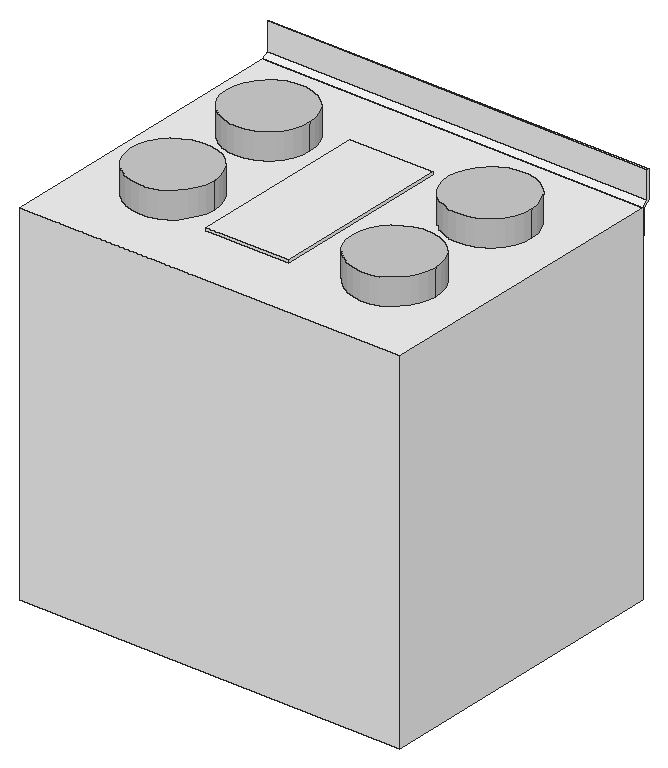
Revit family "BLAUBERG-KOMFORT_EC_SB350", category Mechanical Equipment, Revit 2019
Family settings
  Round Connector Dimension = Use Diameter
  Classification = None
  Part Type = Normal
  OmniClass Number = 23.75.35.14
  OmniClass Title = Air Handling Units
  Work Plane-Based = No
  Always vertical = Yes
  Cut with Voids When Loaded = No
  Shared = No
  Room Calculation Point = No
Parameters (values of type "KOMFORT EC SB350 S14")
  dLFeets = 52 mm
  dBFeets = 52 mm
  Weight = 64.00 kg
  Plastic Material = Polypropylene Black
  Leveling Feets Height Calc [instance] = if(Leveling Feets Height < 23 mm, 23 mm, Leveling Feets Height)  # 23 mm
  Leveling Feets Height [instance] = 23 mm
  L2 = 230 mm
  L1 = 426 mm
  Heat Exchanger Material = "polystyrene"
  HDuctCon = 50 mm  # constant formula
  H3 = 60 mm  # constant formula
  Front Maintenance Zone Width = H1  # 675 mm
  Front Maintenance Zone Length = L  # 730 mm
  ElConA = 342 mm
  ElBoxB = 345 mm
  ElBoxA = 160 mm
  DrainPipe = yes
  DrainConB = 293 mm
  BackFeetD = 20 mm  # constant formula
  B3 = 14 mm  # constant formula
  Air Flow Factor [instance] = 1  # constant formula
  Drain Flow [instance] = 0.0 L/s
  Ddrain = if(Drain Connection Diameter = 0 mm, 1 mm, Drain Connection Diameter)  # 18 mm
  B1 = 583 mm
  Air Flow Exhaust [instance] = 0 m³/h
  L = 730 mm
  Voltage = 230 V
  URL = "https://blaubergventilatoren.de/en/product/komfort-ec-sb350-s14"
  Type Comments = "Air Handling Unit KOMFORT EC SB350 S21"
  Transported Air Temperature (°C) = "–25 …+40"
  Supply Air Filter = "F7 (optionally G4)"
  Sound Pressure Level at 3 m (dBA) = 28
  SEC Class = "A+"
  RPM (min-1) = 3200
  Power Factor = 1
  Power = 178 W
  Number of Poles = 1
  Model = "KOMFORT EC SB350 S21"
  Maximum Air Flow = 450 m³/h
  Manufacturer = "Blauberg"
  Maintenance Zone Material = Maintenance Zone
  Front Maintenance Zone Height = 600 mm
  Maintenance Zone [instance] = no
  Load Classification = HVAC
  B = 600 mm
  Heat recovery efficiency (%) = "85..92"
  Heat Exchanger Type = "counter-flow"
  H1 = 675 mm
  Metal Material = Metal Zinc
  Family Version = "1.0"  # constant formula
  Extract Air Filter = "G4"
  Duct Connection Diameter = 160 mm
  Drain Connection Diameter = 18 mm
  Description = "Air Handling Unit"
  D = Duct Connection Diameter  # 160 mm
  Current = 1.4 A
  Copyright = "©Blauberg"
  Casing Material = Painted Steel White
  Apparent Power [instance] = Power / Power Factor  # 178 VA
  Air Flow Supply [instance] = 0 m³/h
Types (4, lengths in mm): name | Heat Exchanger Material | DrainPipe | DrainConB | Ddrain | URL | Type Comments | SEC Class | Model | Heat recovery efficiency (%) | Drain Connection Diameter
  KOMFORT EC SB350 S21 | "polystyrene" | yes | 292 | 18 | "https://blaubergventilatoren.de/en/product/komfort-ec-sb350-s21" | "Air Handling Unit KOMFORT EC SB160-E S14" | "A+" | "KOMFORT EC SB160-E S14" | "85..92" | 18
  KOMFORT EC SB350 S14 | "polystyrene" | yes | 293 | 18 | "https://blaubergventilatoren.de/en/product/komfort-ec-sb350-s14" | "Air Handling Unit KOMFORT EC SB350 S21" | "A+" | "KOMFORT EC SB350 S21" | "85..92" | 18
  KOMFORT EC SB350-E S21 | "enthalpy" | no | 294 | 1 | "https://blaubergventilatoren.de/en/product/komfort-ec-sb350-e-s21" | "Air Handling Unit KOMFORT EC SB350-E S21" | "A" | "KOMFORT EC SB350-E S21" | "73..91" | 0
  KOMFORT EC SB350-E S14 | "enthalpy" | no | 295 | 1 | "https://blaubergventilatoren.de/en/product/komfort-ec-sb350-e-s14" | "Air Handling Unit KOMFORT EC SB350 S14" | "A" | "KOMFORT EC SB350 S14" | "73..91" | 0
Reference planes
  plane 1 "Center (Front/Back)": y = 0
  plane 2: z = 0
  plane 3 "Center (Left/Right)": x = 0
  plane 4 "Right": x = 365
  plane 5 "Front": y = -597
  plane 6 "Left": x = -365
  plane 7 "Top": z = 698
  plane 8 "Back": y = -14
  plane 9 "DuctConL1": x = -213
  plane 10 "DrainConA2": x = 150
  plane 11 "DrainConB": y = -307
  plane 12 "DuctConL2": x = 213
  plane 13 "DuctConB1": y = -190.5
  plane 14 "DuctConB2": y = -420.5
  plane 15 "DuctConB3": z = 748
  plane 16 "DuctConB4": z = 758
  plane 17 "Bottom": z = 23
  plane 18 "FeetsL1": x = -313
  plane 19 "FeetsL2": x = 313
  plane 20 "FeetsB1": y = -66
  plane 21 "FeetsB2": y = -545
  plane 22: y = -305.5
  plane 23: y = -3
  plane 24: z = 708
  plane 25: y = -12
  plane 26: z = 648
  plane 27 "ElConA": x = -23
  plane 28 "BackFeetsH": z = 43
  plane 29: x = -103
  plane 30: x = 57
  plane 31: y = -133
  plane 32: y = -478
Forms (mm)
  Extrusion 1, solid, material "Polypropylene Black" <- "Plastic Material", visible <- "DrainPipe", detail levels medium+fine
    sketch origin (0, 0, 23) x (-1, 0, 0) y (0, -1, 0)
      loop
        circle (0, 307) r 9
    from 0 to -50
  Extrusion 2, solid, material "Painted Steel White" <- "Casing Material", detail levels medium+fine
    sketch origin (0, 0, 23) x (-1, 0, 0) y (0, -1, 0)
      loop
        line (365, 14) -> (365, 597) -> (-365, 597) -> (-365, 14) -> (365, 14)
    from 0 to 675
  Extrusion 3, solid, material "Metal Zinc" <- "Metal Material", detail levels medium+fine
    sketch origin (0, 0, 698) x (-1, 0, 0) y (0, -1, 0)
      loop
        circle (213, 190.5) r 80
      loop
        circle (213, 420.5) r 80
      loop
        circle (-213, 190.5) r 80
      loop
        circle (-213, 420.5) r 80
    from 0 to 50
  Extrusion 4, solid, material "Painted Steel White" <- "Casing Material", detail levels medium+fine
    sketch origin (-365, 0, 0) x (0, 1, 0) y (0, 0, 1)
      loop
        line (-3, 758) -> (-3, 705.857) -> (-14, 698) -> (-14, 648) -> (-12, 648) -> (-12, 696.971) -> (0, 705.542) -> (0, 758) -> (-3, 758)
    from 0 to 730
  Extrusion 5, solid, material "Polypropylene Black" <- "Plastic Material", detail levels medium+fine
    sketch origin (0, 0, 0) x (1, 0, 0) y (0, 0, 1)
      loop
        circle (313, 43) r 10
      loop
        circle (-313, 43) r 10
    from 0 to 14
  Extrusion 6, solid, material "Painted Steel White" <- "Casing Material", detail levels medium+fine
    sketch origin (0, 0, 698) x (-1, 0, 0) y (0, -1, 0)
      loop
        line (103, 133) -> (103, 478) -> (-57, 478) -> (-57, 133) -> (103, 133)
    from 0 to 5
Lines and regions (mm)
  model lines, detail levels coarse
    curve 1: line (-365, 0, 698) -> (365, 0, 698)
    curve 2: line (-365, -597, 698) -> (-365, 0, 698)
    curve 3: line (365, -597, 698) -> (-365, -597, 698)
    curve 4: line (365, 0, 698) -> (365, -597, 698)
    curve 5: line (-365, 0, 23) -> (365, 0, 23)
    curve 6: line (-365, -597, 23) -> (-365, 0, 23)
    curve 7: line (365, -597, 23) -> (-365, -597, 23)
    curve 8: line (365, 0, 23) -> (365, -597, 23)
    curve 9: line (-365, -597, 698) -> (365, -597, 698)
    curve 10: line (-365, -597, 23) -> (-365, -597, 698)
    curve 11: line (365, -597, 23) -> (-365, -597, 23)
    curve 12: line (365, -597, 698) -> (365, -597, 23)
    curve 13: line (-365, 0, 698) -> (365, 0, 698)
    curve 14: line (-365, 0, 23) -> (-365, 0, 698)
    curve 15: line (365, 0, 23) -> (-365, 0, 23)
    curve 16: line (365, 0, 698) -> (365, 0, 23)
    curve 17: line (-365, 0, 698) -> (-365, 0, 23)
    curve 18: line (-365, -597, 698) -> (-365, -597, 23)
    curve 19: line (365, -597, 698) -> (365, -597, 23)
    curve 20: line (365, 0, 698) -> (365, 0, 23)
    curve 21: line (-213, -190.5, 748) -> (-213, -190.5, 698)
    curve 22: line (-213, -420.5, 748) -> (-213, -420.5, 698)
    curve 23: line (213, -190.5, 748) -> (213, -190.5, 703)
    curve 24: line (213, -420.5, 748) -> (213, -420.5, 698)
Dimensions and locks
  "B1": plane 8 "Back" to plane 5 "Front"
  equal spacing: plane 6 "Left", plane 3 "Center (Left/Right)", plane 4 "Right"
  "L": plane 6 "Left" to plane 4 "Right"
  "dBFeets": plane 8 "Back" to plane 20 "FeetsB1"
  "dBFeets": plane 21 "FeetsB2" to plane 5 "Front"
  "dLFeets": plane 6 "Left" to plane 18 "FeetsL1"
  "dLFeets": plane 19 "FeetsL2" to plane 4 "Right"
  "Leveling Feets Height Calc": plane 17 "Bottom" to level
  "B3": plane 1 "Center (Front/Back)" to plane 8 "Back"
  equal spacing: plane 9 "DuctConL1", plane 3 "Center (Left/Right)", plane 12 "DuctConL2"
  "L1": plane 9 "DuctConL1" to plane 12 "DuctConL2"
  equal spacing: plane 8 "Back", plane 22, plane 5 "Front"
  equal spacing: plane 13 "DuctConB1", plane 22, plane 14 "DuctConB2"
  "L2": plane 13 "DuctConB1" to plane 14 "DuctConB2"
  "DrainConB": plane 8 "Back" to plane 11 "DrainConB"
  locked: plane 1 "Center (Front/Back)" to plane 23 at 3
  locked: plane 24 to plane 7 "Top" at 10
  locked: plane 25 to plane 8 "Back" at 2
  locked: plane 7 "Top" to plane 26 at 50
  "HDuctCon": plane 15 "DuctConB3" to plane 7 "Top"
  "H3": plane 16 "DuctConB4" to plane 7 "Top"
  "H1": plane 7 "Top" to plane 17 "Bottom"
  locked: Extrusion 4 sketch curve to Extrusion 4 sketch curve at 2
  locked: plane 28 "BackFeetsH" to plane 17 "Bottom" at 20
  equal spacing: plane 31, plane 22, plane 32
  "ElBoxB": plane 31 to plane 32
  equal spacing: plane 29, plane 27 "ElConA", plane 30
  "ElBoxA": plane 29 to plane 30
  "ElConA": plane 6 "Left" to plane 27 "ElConA"
  "Ddrain": diameter of Extrusion 1 sketch curve
  "D": diameter of Extrusion 3 sketch curve  (x4)
  "BackFeetD": diameter of Extrusion 5 sketch curve  (x2)
  aligned and locked: level to plane 2
  aligned and locked: plane 18 "FeetsL1" to nested 1
  aligned and locked: nested 1 to plane 20 "FeetsB1"
  aligned and locked: plane 19 "FeetsL2" to nested 2
  aligned and locked: nested 2 to plane 20 "FeetsB1"
  aligned and locked: nested 3 to plane 21 "FeetsB2"
  aligned and locked: plane 19 "FeetsL2" to nested 3
  aligned and locked: plane 18 "FeetsL1" to nested 4
  aligned and locked: nested 4 to plane 21 "FeetsB2"
  aligned and locked: Extrusion 2 sketch curve to plane 8 "Back"
  aligned and locked: plane 6 "Left" to Extrusion 2 sketch curve
  aligned and locked: plane 5 "Front" to Extrusion 2 sketch curve
  aligned and locked: Extrusion 2 sketch curve to plane 4 "Right"
  aligned and locked: plane 7 "Top" to Extrusion 2
  aligned and locked: plane 15 "DuctConB3" to Extrusion 3
  aligned and locked: plane 4 "Right" to Extrusion 4
  aligned and locked: Extrusion 5 to plane 8 "Back"
  aligned and locked: Extrusion 6 sketch curve to plane 31
  aligned and locked: Extrusion 6 sketch curve to plane 29
  aligned and locked: plane 32 to Extrusion 6 sketch curve
  aligned and locked: Extrusion 6 sketch curve to plane 30
  aligned and locked: plane 3 "Center (Left/Right)" to nested 5
  aligned and locked: nested 5 to plane 7 "Top"
  aligned and locked: curve 1 to Extrusion 4
  aligned and locked: curve 2 to Extrusion 4
  aligned and locked: curve 3 to Extrusion 2
  aligned and locked: curve 4 to nested 5
  aligned and locked: curve 5 to curve 1
  aligned and locked: curve 6 to curve 2
  aligned and locked: curve 7 to curve 3
  aligned and locked: curve 8 to nested 5
  aligned and locked: curve 9 to curve 1
  aligned and locked: curve 10 to Extrusion 2
  aligned and locked: curve 11 to curve 5
  aligned and locked: curve 12 to Extrusion 2
  aligned and locked: curve 13 to curve 1
  aligned and locked: curve 14 to curve 10
  aligned and locked: curve 15 to curve 5
  aligned and locked: curve 16 to curve 12
  aligned and locked: plane 1 "Center (Front/Back)" to curve 17
  aligned and locked: curve 18 to plane 5 "Front"
  aligned and locked: curve 19 to plane 5 "Front"
  aligned and locked: plane 1 "Center (Front/Back)" to curve 20
  aligned and locked: curve 21 to plane 13 "DuctConB1"
  aligned and locked: curve 22 to plane 14 "DuctConB2"
  aligned and locked: plane 13 "DuctConB1" to curve 23
  aligned and locked: plane 14 "DuctConB2" to curve 24
  aligned and locked: plane 15 "DuctConB3" to curve 21
  aligned and locked: plane 15 "DuctConB3" to curve 23
  aligned and locked: plane 7 "Top" to curve 21
  aligned and locked: plane 7 "Top" to Extrusion 3
  aligned and locked: plane 15 "DuctConB3" to curve 24
  aligned and locked: plane 15 "DuctConB3" to curve 22
  aligned and locked: plane 7 "Top" to curve 22
  aligned and locked: plane 7 "Top" to curve 24
Automatic sketch dimensions
  Extrusion 4 sketch curve to plane 8 "Back" = 0 mm
  Extrusion 4 sketch curve to plane 25 = 0 mm
  Extrusion 4 sketch curve to plane 23 = 0 mm
  Extrusion 4 sketch curve to plane 1 "Center (Front/Back)" = 0 mm
  Extrusion 4 sketch curve to plane 26 = 0 mm
  Extrusion 4 sketch curve to plane 16 "DuctConB4" = 0 mm
  Extrusion 4 sketch curve to plane 7 "Top" = 1.029 mm
  Extrusion 4 sketch curve to Extrusion 4 sketch curve = 1.029 mm
  curve 17 to plane 17 "Bottom" = 0 mm
  curve 18 to plane 17 "Bottom" = 0 mm
  curve 18 to plane 7 "Top" = 0 mm
  curve 17 to plane 7 "Top" = 0 mm
  curve 19 to plane 17 "Bottom" = 0 mm
  curve 20 to plane 17 "Bottom" = 0 mm
  curve 20 to plane 7 "Top" = 0 mm
  curve 19 to plane 7 "Top" = 0 mm
  plane 7 "Top" to curve 23 = 5 mm
  Extrusion 1 sketch curve to plane 3 "Center (Left/Right)" = 0 mm
  Extrusion 1 sketch curve to plane 11 "DrainConB" = 0 mm
  Extrusion 3 sketch curve to plane 12 "DuctConL2" = 0 mm  (x2)
  Extrusion 3 sketch curve to plane 9 "DuctConL1" = 0 mm  (x2)
  Extrusion 3 sketch curve to plane 13 "DuctConB1" = 0 mm  (x2)
  Extrusion 3 sketch curve to plane 14 "DuctConB2" = 0 mm  (x2)
  Extrusion 5 sketch curve to plane 18 "FeetsL1" = 0 mm
  Extrusion 5 sketch curve to plane 19 "FeetsL2" = 0 mm
  Extrusion 5 sketch curve to plane 28 "BackFeetsH" = 0 mm  (x2)
Nested families
  nested 1: "LevellingFeet" at (-313, -66, 0), type "LevellingFeet", detail levels medium+fine
  nested 2: "LevellingFeet" at (313, -66, 0), type "LevellingFeet", detail levels medium+fine
  nested 3: "LevellingFeet" at (313, -545, 0), type "LevellingFeet", detail levels medium+fine
  nested 4: "LevellingFeet" at (-313, -545, 0), type "LevellingFeet", detail levels medium+fine
  nested 5: "MaintenanceZone_Rect" at (0, -597, 360.5) x (1, 0, 0) z (0, 1, 0), visible <- "Maintenance Zone", type "Front", detail levels medium+fine
    with Maintenance Zone Width 675 mm, Maintenance Zone Length 730 mm, Maintenance Zone Height 600 mm
Connectors
  piping at (0, -307, -27), diameter 18, driven by "Drain Connection Diameter", driven by "Drain Flow"
    settings: on Extrusion 1, index 1, connector inside diameter 609.6 mm, connector length 0 mm, flow factor 0, pipe flow 0.0 L/s, pressure drop 0.0 Pa, fitting loss kfactor 0, connector angle 0.00°, fixture units 0, engagement length 0 mm, angle of deflection 0.00°, flow configuration 1, flow direction 2, fitting loss method 0, system type 16, joint type 0, gender type 0, connector reference index -1, connector utility 0, adjustable connector no, is connector primary yes, connector description "Drain"
  electrical at (-23, -305.5, 703), driven by "Number of Poles", driven by "Load Classification", driven by "Voltage", driven by "Apparent Power", driven by "Power Factor"
    settings: on Extrusion 6, index 2, voltage 230 V, apparent load 178 VA, apparent load phase1 0 VA, apparent load phase2 0 VA, apparent load phase3 0 VA, power factor 1, load classification "HVAC", number of poles 1, system type 30, power factor state 1, is connector primary yes, connector utility no, sub classification motor no, connector description ""
  hvac at (-213, -190.5, 748), driven by "Duct Connection Diameter", driven by "Air Flow Exhaust"
    settings: on Extrusion 3, index 3, duct flow 0 m³/h, flow factor 0, pres drop 0.0 Pa, loss coef 0, conn angle 0.00°, conn width 304.8 mm, conn height 304.8 mm, conn diameter 160 mm, duct sys type 3, conn prof type 0, flow config 0, flow direction 1, loss method 0, conn ref index -1, conn util no, is conn primary yes, conn desc "Extract Air"
  hvac at (-213, -420.5, 748), driven by "Duct Connection Diameter", driven by "Air Flow Supply"
    settings: on Extrusion 3, index 4, duct flow 0 m³/h, flow factor 0, pres drop 0.0 Pa, loss coef 0, conn angle 0.00°, conn width 304.8 mm, conn height 304.8 mm, conn diameter 160 mm, duct sys type 1, conn prof type 0, flow config 0, flow direction 2, loss method 0, conn ref index -1, conn util no, is conn primary no, conn desc "Supply Air"
  hvac at (213, -190.5, 748), driven by "Duct Connection Diameter", driven by "Air Flow Exhaust"
    settings: on Extrusion 3, index 5, duct flow 0 m³/h, flow factor 0, pres drop 0.0 Pa, loss coef 0, conn angle 0.00°, conn width 304.8 mm, conn height 304.8 mm, conn diameter 160 mm, duct sys type 3, conn prof type 0, flow config 1, flow direction 2, loss method 0, conn ref index -1, conn util no, is conn primary no, conn desc "Exhaust Air"
  hvac at (213, -420.5, 748), driven by "Duct Connection Diameter", driven by "Air Flow Supply"
    settings: on Extrusion 3, index 6, duct flow 0 m³/h, flow factor 0, pres drop 0.0 Pa, loss coef 0, conn angle 0.00°, conn width 304.8 mm, conn height 304.8 mm, conn diameter 160 mm, duct sys type 1, conn prof type 0, flow config 1, flow direction 1, loss method 0, conn ref index -1, conn util no, is conn primary no, conn desc "Intake Air"
Definition of nested family "LevellingFeet"
  Parameters (values of type "LevellingFeet")
    r2 = d2 / 2  # 9 mm
    r1 = d1 / 2  # 12 mm
    h2 = 15 mm
    h1 = 6 mm
    d3 = 8 mm
    d2 = 18 mm
    d1 = 24 mm
    R = D / 2  # 20.5 mm
    Material = none
    H = 23 mm
    Default Elevation = 1219.2 mm
    D = 41 mm
  Reference planes
    plane 1 "Center (Front/Back)": y = 0
    plane 2: z = 0
    plane 3 "Center (Left/Right)": x = 0
    plane 4: z = 6
    plane 5: x = -9
    plane 6: x = -20.5
    plane 7: x = -12
    plane 8: z = 21
    plane 9: z = 23
  Forms (mm)
    Revolve 1, solid, material <- "Material"
      sketch origin (0, 0, 0) x (1, 0, 0) y (0, 0, 1)
        loop
          line (0, 21) -> (-9, 21) -> (-11.354, 9.228)
          arc (-11.354, 9.228) -> (-12.746, 6.91) -> (-15.292, 6) r 4.016
          line (-15.292, 6) -> (-18.541, 6)
          arc (-18.541, 6) -> (-19.926, 5.426) -> (-20.5, 4.041) r 1.959
          line (-20.5, 4.041) -> (-20.5, 0) -> (0, 0) -> (0, 21)
        axis (0, 21) -> (0, 0)
      angle from 0 to 360
    Extrusion 2, solid, material <- "Material"
      sketch origin (0, 0, 0) x (1, 0, 0) y (0, 1, 0)
        loop
          circle (0, 0) r 4
      from 23 to 6
  Cuts and joins
    joined: Revolve 1, Extrusion 2
  Dimensions and locks
    "r2": plane 3 "Center (Left/Right)" to plane 5
    "R": plane 3 "Center (Left/Right)" to plane 6
    "r1": plane 3 "Center (Left/Right)" to plane 7
    "h2": plane 8 to plane 4
    "h1": plane 4 to level
    "H": plane 9 to level
    "d3": diameter of Extrusion 2 sketch curve
    aligned and locked: level to plane 2
    aligned and locked: Revolve 1 sketch curve to plane 3 "Center (Left/Right)"
    aligned and locked: plane 8 to Revolve 1 sketch curve
    aligned and locked: Extrusion 2 to plane 4
    aligned and locked: plane 9 to Extrusion 2
    aligned and locked: cut or joined group of Revolve 1, Extrusion 2 to level
  Automatic sketch dimensions
    Revolve 1 sketch curve to level = 0 mm
    Revolve 1 sketch curve to plane 6 = 0 mm
    Revolve 1 sketch curve to plane 4 = 0 mm
    Revolve 1 sketch curve to plane 5 = 0 mm
    Revolve 1 sketch curve to plane 3 "Center (Left/Right)" = 0 mm
    plane 6 to Revolve 1 sketch curve = 1.959 mm
    Revolve 1 sketch curve to plane 7 = 3.292 mm
    plane 7 to Revolve 1 sketch curve = 0.646 mm
    plane 4 to Revolve 1 sketch curve = 3.228 mm
    Revolve 1 sketch curve to level = 336.045 mm
    plane 9 to Revolve 1 sketch curve = 2172.315 mm
    plane 1 "Center (Front/Back)" to Extrusion 2 sketch curve = 0 mm
    Extrusion 2 sketch curve to plane 3 "Center (Left/Right)" = 0 mm
Definition of nested family "MaintenanceZone_Rect"
  Parameters (values of type "MaintenanceZone_Rect")
    Maintenance Zone Width = 500 mm
    Material = none
    Maintenance Zone Length = 1000 mm
    Maintenance Zone Height = 300 mm
    Family Version = ""
    Default Elevation = 1219.2 mm
    Copyright = ""
  Reference planes
    plane 1 "Center (Front/Back)": y = 0
    plane 2: z = 0
    plane 3 "Center (Left/Right)": x = 0
    plane 4: x = -500
    plane 5: x = 500
    plane 6: y = 250
    plane 7: y = -250
    plane 8: z = -300
  Forms (mm)
    Extrusion 1, solid, material <- "Material", detail levels medium+fine
      sketch origin (0, 0, 0) x (1, 0, 0) y (0, 1, 0)
        loop
          line (-500, 250) -> (-500, -250) -> (500, -250) -> (500, 250) -> (-500, 250)
      from 0 to -300
  Lines and regions (mm)
    symbolic lines, detail levels medium+fine
      curve 1: line (-500, 0, 0) -> (500, 0, 0)
      curve 2: line (-500, 0, -300) -> (-500, 0, 0)
      curve 3: line (500, 0, -300) -> (-500, 0, -300)
      curve 4: line (500, 0, 0) -> (500, 0, -300)
      curve 5: line (0, 250, 0) -> (0, -250, 0)
      curve 6: line (0, 250, -300) -> (0, 250, 0)
      curve 7: line (0, -250, -300) -> (0, 250, -300)
      curve 8: line (0, -250, 0) -> (0, -250, -300)
      curve 9: line (-500, 250, 0) -> (500, 250, 0)
      curve 10: line (-500, -250, 0) -> (-500, 250, 0)
      curve 11: line (500, -250, 0) -> (-500, -250, 0)
      curve 12: line (500, 250, 0) -> (500, -250, 0)
  Dimensions and locks
    equal spacing: plane 6, plane 1 "Center (Front/Back)", plane 7
    equal spacing: plane 4, plane 3 "Center (Left/Right)", plane 5
    "Maintenance Zone Width": plane 6 to plane 7
    "Maintenance Zone Length": plane 4 to plane 5
    "Maintenance Zone Height": plane 2 to plane 8
    aligned and locked: level to plane 2
    aligned and locked: Extrusion 1 sketch curve to plane 6
    aligned and locked: plane 4 to Extrusion 1 sketch curve
    aligned and locked: plane 7 to Extrusion 1 sketch curve
    aligned and locked: Extrusion 1 sketch curve to plane 5
    aligned and locked: Extrusion 1 to plane 8
    aligned and locked: curve 1 to Extrusion 1
    aligned and locked: curve 2 to Extrusion 1
    aligned and locked: curve 3 to Extrusion 1
    aligned and locked: curve 4 to Extrusion 1
    aligned and locked: curve 5 to Extrusion 1
    aligned and locked: curve 6 to Extrusion 1
    aligned and locked: curve 7 to Extrusion 1
    aligned and locked: curve 8 to Extrusion 1
    aligned and locked: curve 9 to Extrusion 1
    aligned and locked: curve 10 to Extrusion 1
    aligned and locked: curve 11 to Extrusion 1
    aligned and locked: curve 12 to Extrusion 1
